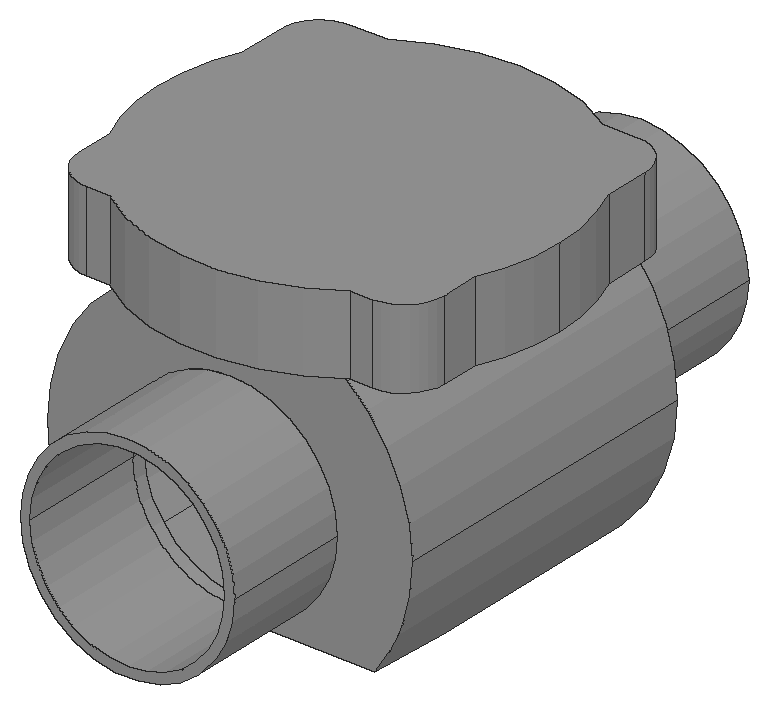
Revit family "BV1000", category Plumbing Fixtures, Revit 2013
Parameters (values of type "BV1004-4'")
  uper cover = B / 6  # 0' - 7 1/2"
  main body = C * 2 + 0' 4 205/256"  # 7' - 7 205/256"
  connection thicknes = Connection size + 0' 2 51/128"  # 2' - 2 51/128"
  Upper circle = B * 1.1  # 4' - 1 1/2"
  URL = "www.mifab.com"
  Thickness of upper portion = B / 2.3  # 1' - 7.56522"
  Radious = Thickness of upper portion / 2  # 0' - 9.78261"
  Model = "BV-1000"
  Mian body 2 = C + connection thicknes  # 5' - 9 115/128"
  Manufacturer = "Mifab"
  Length of outlet = A / 5  # 2' - 7.6651"
  Length of intake = A / 3.5  # 3' - 9.23586"
  Intake hub = A - Outlet  # 7' - 5.48833"
  Outlet = A / 2.3  # 5' - 8.83717"
  Hole 2 = Connection size * 0.4  # 0' - 9.6"
  Hole 1 = Connection size * 0.45  # 0' - 10.8"
  HOLE = Upper circle * 0.06  # 0' - 2.97"
  Description = "Cast iron backwater valve with bronze flapper"
  Connection size = 2' - 0"
  C1 = 3' - 6.54666"
  C = 3' - 7 1/2"
  Body Material = Cast iron
  Blend for Main body 2 = Mian body 2 - 0' 2 51/128"  # 5' - 7 1/2"
  Blend for B = B - 0' 2 51/128"  # 3' - 6 77/128"
  Blend for 2 = B - 0' 2 51/128"  # 3' - 6 77/128"
  B = 3' - 9"
  A = 13' - 2.3255"
Types (7): name | uper cover | main body | connection thicknes | Upper circle | Thickness of upper portion | Radious | Mian body 2 | Length of outlet | Length of intake | Intake hub | Outlet | Hole 2 | Hole 1 | HOLE | Connection size | C1 | C | Blend for Main body 2 | Blend for B | Blend for 2 | B | A
  (no name) | 0' - 7 1/2" | 7' - 7 205/256" | 2' - 2 51/128" | 4' - 1 1/2" | 1' - 7.56522" | 0' - 9.78261" | 5' - 9 115/128" | 2' - 7.6651" | 3' - 9.23586" | 7' - 5.48833" | 5' - 8.83717" | 0' - 9.6" | 0' - 10.8" | 0' - 2.97" | 2' - 0" | 3' - 6.54666" | 3' - 7 1/2" | 5' - 7 1/2" | 3' - 6 77/128" | 3' - 6 77/128" | 3' - 9" | 13' - 2.3255"
  BV1004-4' | 0' - 7 1/2" | 7' - 7 205/256" | 2' - 2 51/128" | 4' - 1 1/2" | 1' - 7.56522" | 0' - 9.78261" | 5' - 9 115/128" | 2' - 7.6651" | 3' - 9.23586" | 7' - 5.48833" | 5' - 8.83717" | 0' - 9.6" | 0' - 10.8" | 0' - 2.97" | 2' - 0" | 3' - 6.54666" | 3' - 7 1/2" | 5' - 7 1/2" | 3' - 6 77/128" | 3' - 6 77/128" | 3' - 9" | 13' - 2.3255"
  BV1002-2' | 0' - 5 1/2" | 5' - 3 77/256" | 1' - 2 51/128" | 3' - 0.3" | 1' - 2.34783" | 0' - 7.17391" | 3' - 7 83/128" | 2' - 1.8" | 3' - 0.85714" | 6' - 0.91304" | 4' - 8.08696" | 0' - 4.8" | 0' - 5.4" | 0' - 2.178" | 1' - 0" | 2' - 1 1/2" | 2' - 5 1/4" | 3' - 5 1/4" | 2' - 6 77/128" | 2' - 6 77/128" | 2' - 9" | 10' - 9"
  BV1010-10' | 1' - 1 1/2" | 14' - 4 205/256" | 5' - 2 51/128" | 7' - 5.1" | 2' - 11.21739" | 1' - 5.6087" | 12' - 2 51/128" | 4' - 8.7" | 6' - 9" | 13' - 4.23913" | 10' - 3.26087" | 2' - 0" | 2' - 3" | 0' - 5.346" | 5' - 0" | 7' - 6" | 7' - 0" | 12' - 0" | 6' - 6 77/128" | 6' - 6 77/128" | 6' - 9" | 23' - 7 1/2"
  BV1003-3' | 0' - 6 3/4" | 7' - 2 103/256" | 1' - 8 51/128" | 3' - 8.55" | 1' - 5.6087" | 0' - 8.80435" | 5' - 1 51/256" | 2' - 4.2" | 3' - 4.28571" | 6' - 7.69565" | 5' - 1.30435" | 0' - 7.2" | 0' - 8.1" | 0' - 2.673" | 1' - 6" | 3' - 1 1/2" | 3' - 4 205/256" | 4' - 10 205/256" | 3' - 2 13/128" | 3' - 2 13/128" | 3' - 4 1/2" | 11' - 9"
  BV1006-6' | 0' - 10" | 10' - 4 205/256" | 3' - 2 51/128" | 5' - 6" | 2' - 2.08696" | 1' - 1.04348" | 8' - 2 51/128" | 2' - 11.4" | 4' - 2.57143" | 8' - 4.04348" | 6' - 4.95652" | 1' - 2.4" | 1' - 4.2" | 0' - 3.96" | 3' - 0" | 4' - 7 1/2" | 5' - 0" | 8' - 0" | 4' - 9 77/128" | 4' - 9 77/128" | 5' - 0" | 14' - 9"
  BV1008-8' | 1' - 0 1/4" | 14' - 4 205/256" | 4' - 2 51/128" | 6' - 8.85" | 2' - 7.95652" | 1' - 3.97826" | 11' - 2 51/128" | 3' - 4.8" | 4' - 10.28571" | 9' - 7.30435" | 7' - 4.69565" | 1' - 7.2" | 1' - 9.6" | 0' - 4.851" | 4' - 0" | 6' - 6" | 7' - 0" | 11' - 0" | 5' - 11 13/128" | 5' - 11 13/128" | 6' - 1 1/2" | 17' - 0"
Reference planes (in)
  plane 1 "Center (Front/Back)": y = 0
  plane 2: z = 0
  plane 3 "Center (Left/Right)": x = 0
  plane 4: z = -42.54666
  plane 5: y = 89.48833
  plane 6: y = -68.83717
  plane 7: z = -43.5
  plane 8: z = -42.54666
  plane 9: z = -42.54666
  plane 10: y = 2.5
Forms (in)
  Extrusion 1, solid, material "Cast iron" <- "Body Material"
    sketch origin (0, 0, 0) x (1, 0, 0) y (0, 0, 1)
      loop
        circle (0, -42.54666) r 45
    from -44.25247 to 37.17207
  Extrusion 2, solid, material "Cast iron" <- "Body Material"
    sketch origin (0, 0, 0) x (1, 0, 0) y (0, 0, 1)
      loop
        circle (0, -43.5) r 24
      loop
        circle (0, -43.5) r 26.39844
    from 37.17207 to 68.83717
  Extrusion 3, solid, material "Cast iron" <- "Body Material"
    sketch origin (0, 0, 10.45334) x (1, 0, 0) y (0, 0, 1)
      loop
        circle (0, -53) r 24
      loop
        circle (0, -53) r 26.39844
    from -89.48833 to -44.25247
  Extrusion 4, void
    sketch origin (0, 0, 0) x (0, 1, 0) y (0, 0, 1)
      loop
        line (-45.37938, -91.80078) -> (86.08606, -91.80078) -> (-37.17207, -69.89844) -> (-45.37938, -69.89844) -> (-45.37938, -91.80078)
    from -119.45713 to 93.14963
  Extrusion 5, void
    sketch origin (0, 0, 0) x (1, 0, 0) y (0, 0, 1)
      loop
        line (-32.6615, -69.89844) -> (32.6615, -69.89844)
        arc (32.6615, -69.89844) -> (0, 0.0549) -> (-32.6615, -69.89844) r 42.60156
    from -40.87603 to 33.80339
  Extrusion 6, void
    sketch origin (0, 0, 0) x (1, 0, 0) y (0, 0, 1)
      loop
        circle (0, -43.5) r 24
    from 33.80339 to 68.83717
  Extrusion 7, void
    sketch origin (0, 0, 0) x (1, 0, 0) y (0, 0, 1)
      loop
        circle (0, -42.54666) r 24
    from -89.48833 to -40.87603
  Extrusion 8, solid, material "Cast iron" <- "Body Material"
    sketch origin (0, 0, 0) x (1, 0, 0) y (0, 1, 0)
      loop
        line (-45, 34.46986) -> (-45, -27.38946)
        arc (-45, -27.38946) -> (-42.13474, -34.30681) -> (-35.21739, -37.17207) r 9.78261
        line (-35.21739, -37.17207) -> (35.21739, -37.17207)
        arc (35.21739, -37.17207) -> (42.13474, -34.30681) -> (45, -27.38946) r 9.78261
        line (45, -27.38946) -> (45, 34.46986)
        arc (45, 34.46986) -> (42.13474, 41.38721) -> (35.21739, 44.25247) r 9.78261
        line (35.21739, 44.25247) -> (-35.21739, 44.25247)
        arc (-35.21739, 44.25247) -> (-42.13474, 41.38721) -> (-45, 34.46986) r 9.78261
    from -7.5 to 12.06522
  Extrusion 9, solid, material "Cast iron" <- "Body Material"
    sketch origin (0, 0, 0) x (1, 0, 0) y (0, 1, 0)
      loop
        circle (0, 2.5) r 49.5
    from -7.5 to 12.06522
Cuts and joins
  Extrusion 4, Extrusion 5, Extrusion 6, Extrusion 7 cuts Extrusion 1
  Extrusion 5, Extrusion 6 cuts Extrusion 3
  joined: Extrusion 1, Extrusion 2, Extrusion 3, Extrusion 8, Extrusion 9
Dimensions and locks (in)
  "C": plane 7 to plane 2
  "C1": plane 8 to plane 2
  "A": plane 6 to plane 5
  "Intake hub": plane 1 "Center (Front/Back)" to plane 5
  "Outlet": plane 6 to plane 1 "Center (Front/Back)"
  "C1": plane 4 to plane 2
  "main body": Extrusion 4 to level
  "Mian body 2": level to Extrusion 4
  "Length of intake": cut or joined group 1 (Extrusion 1, Extrusion 2, Extrusion 3, Extrusion 4, Extrusion 5, Extrusion 6, Extrusion 7, Extrusion 8, Extrusion 9) to plane 5
  "Length of outlet": plane 6 to cut or joined group 1
  locked: cut or joined group 1 to Extrusion 5 at 3.36868
  "C1": level to plane 9
  "Mian body 2": Extrusion 5 sketch curve to level
  locked: cut or joined group 1 to cut or joined group 1 at 3.37643
  "C": level to Extrusion 6 sketch curve
  "C1": level to Extrusion 7 sketch curve
  "B": plane 3 "Center (Left/Right)" to Extrusion 8
  equal spacing: Extrusion 8, plane 3 "Center (Left/Right)", Extrusion 8
  "uper cover": Extrusion 8 to level
  Extrusion 8 to Extrusion 8 = 1' - 7.56522"
  locked: plane 10 to plane 1 "Center (Front/Back)" at 2.5
  "Connection size": radius of Extrusion 3 sketch curve
  "connection thicknes": radius of Extrusion 3 sketch curve
  "Connection size": radius of Extrusion 2 sketch curve
  "connection thicknes": radius of Extrusion 2 sketch curve
  "B": radius of Extrusion 1 sketch curve
  "Blend for B": radius of Extrusion 5 sketch curve
  "Connection size": radius of Extrusion 6 sketch curve
  "Connection size": radius of Extrusion 7 sketch curve
  "Radious": radius of Extrusion 8 sketch curve  (x4)
  "Upper circle": radius of Extrusion 9 sketch curve
  aligned and locked: level to plane 2
  aligned and locked: Extrusion 2 to plane 6
  aligned and locked: plane 5 to Extrusion 3
  aligned and locked: Extrusion 2 to Extrusion 1
  aligned and locked: Extrusion 3 to Extrusion 1
  aligned and locked: plane 3 "Center (Left/Right)" to Extrusion 1 sketch curve
  aligned and locked: plane 4 to Extrusion 1 sketch curve
  aligned and locked: cut or joined group 1 to Extrusion 4 sketch curve
  aligned and locked: plane 9 to Extrusion 5 sketch curve
  aligned and locked: plane 3 "Center (Left/Right)" to Extrusion 5 sketch curve
  aligned and locked: plane 3 "Center (Left/Right)" to Extrusion 6 sketch curve
  aligned and locked: Extrusion 6 to plane 6
  aligned and locked: Extrusion 6 to cut or joined group 1
  aligned and locked: plane 3 "Center (Left/Right)" to Extrusion 7 sketch curve
  aligned and locked: plane 5 to Extrusion 7
  aligned and locked: Extrusion 7 to cut or joined group 1
  aligned and locked: cut or joined group 1 to Extrusion 8 sketch curve  (x2)
  aligned and locked: cut or joined group 1 to Extrusion 8
  aligned and locked: Extrusion 8 to cut or joined group 1
  aligned and locked: Extrusion 9 to cut or joined group 1  (x2)
  aligned and locked: plane 3 "Center (Left/Right)" to Extrusion 9 sketch curve
  aligned and locked: plane 10 to Extrusion 9 sketch curve
Automatic sketch dimensions
  plane 6 to Extrusion 4 sketch curve = 1' - 11.45779"
  Extrusion 4 sketch curve to level = 7' - 7 205/256"
  Extrusion 4 sketch curve to plane 5 = 0' - 3.40226"
  Extrusion 4 sketch curve to Extrusion 4 sketch curve = 1' - 9 231/256"
  Extrusion 2 sketch curve to Extrusion 2 sketch curve = 0' - 0"  (x2)
  plane 3 "Center (Left/Right)" to Extrusion 2 sketch curve = 0' - 0"
  Extrusion 2 sketch curve to plane 7 = 0' - 0"
  Extrusion 3 sketch curve to Extrusion 3 sketch curve = 0' - 0"  (x2)
  plane 3 "Center (Left/Right)" to Extrusion 3 sketch curve = 0' - 0"
  Extrusion 3 sketch curve to plane 8 = 0' - 0"
  Extrusion 8 sketch curve to plane 3 "Center (Left/Right)" = 6' - 1.17391"
  plane 3 "Center (Left/Right)" to Extrusion 8 sketch curve = 2' - 11.21739"
